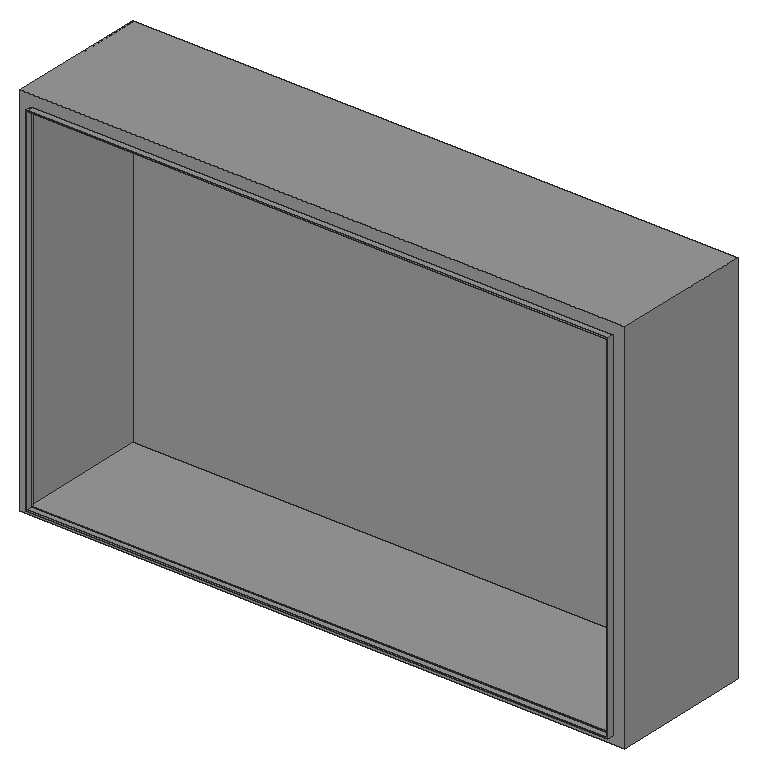
Revit family "Hager-Univers-IP30-D205-H500-Cl.II-Encl-NoHosted-CH-fr", category Electrical Equipment, Revit 2020
Family settings
  Panel Configuration = Two Columns, Circuits Across
  Round Connector Dimension = Use Diameter
  Part Type = Panelboard
  Work Plane-Based = Yes
  Always vertical = Yes
  Cut with Voids When Loaded = No
  Shared = No
  Room Calculation Point = No
Parameters (values of type "saillie IP30 L800 H500 P205  - FP33Q1S")
  Width Control [instance] = if([EF000008 - largeur] > Min Width, [EF000008 - largeur], Min Width)  # 800 mm
  Type Comments = [HG000003 - Gamme]  # "Univers"
  Thickness Door [instance] = if([EF009171 - épaisseur de matériau de la porte/du couvercle] > 3 mm, 3 mm, [EF009171 - épaisseur de matériau de la porte/du couvercle])  # 1 mm
  Seal Frame Offset [instance] = 17 mm  # constant formula
  Plinth Visibility [instance] = [HG000027 - Hauteur du socle] > 0 mm  # no
  Min Width [instance] = 100 mm  # constant formula
  Min Depth [instance] = (2 * [EF009170 - épaisseur de matériau du boîtier]) + 1 mm  # 3 mm
  Min Height [instance] = 100 mm  # constant formula
  Internal Frame Depth [instance] = (Door System Depth * 0.5)  # 9 mm
  Panel Name [instance] = ""  # (empty or 0)
  Model = ""
  HG000027 - Hauteur du socle = 0 mm
  HG000026 - Installation au sol = no
  HG000024 - Hauteur de la section basse = 600 mm
  HG000023 - Armoire double section = no
  HG000016 - Visibilité de la porte 3D [instance] = yes
  HG000015 - Visibilité de l'emprise de la porte [instance] = no
  HG000014 - Porte à droite [instance] = yes
  HG000013 - Porte à gauche [instance] = not([HG000014 - Porte à droite])  # no
  HG000012 - Angle de pivotement de la porte [instance] = 30.00°
  HG000010 - Portes asymétriques = no
  HG000009 - Porte à double battant = no
  HG000006 - Encastré = no
  HG000004 - Référence fabricant = "FP33Q1S"
  HG000003 - Gamme = "Univers"
  HG000002 - avec porte = no
  Frame Offset Bottom [instance] = 10 mm  # constant formula
  Frame Offset [instance] = 15 mm  # constant formula
  EF015940 - couvercle avec décharge de pression = no
  EF011959 - degré de protection (NEMA) = ""
  EF009554 - nombre d'ouvertures pour plaques à bride = 6
  EF009212 - finition du couvercle = "EV009916 - avec échancrure"
  EF009171 - épaisseur de matériau de la porte/du couvercle = 1 mm
  EF009170 - épaisseur de matériau du boîtier = 1 mm
  EF008873 - courant nominal (In) = 250 A
  EF007800 - adapté à un parafoudre = no
  EF006306 - avec serrure = no
  EF006244 - couvercle/porte transparent(e) = no
  EF005474 - indice de protection (IP) = "EV006410 - IP30"
  EF004464 - type de porte = "EV000494 - sans"
  EF004427 - nombre de modules = 108
  EF004293 - indice de protection contre les chocs (IK) = "EV006813 - IK07"
  EF003532 - convient pour utilisation à l’extérieur = no
  EF002950 - largeur en nombre de modules = 36
  EF001613 - maintien de fonction = "EV000494 - sans"
  EF001596 - matériau du boîtier/corps = "EV000179 - acier"
  EF001131 - profondeur intérieure = 130 mm
  EF001088 - possibilité de montage en saillie = yes
  EF000437 - nombre d'entrées de conduit = 6
  EF000339 - type de capot = "EV000494 - sans"
  EF000266 - nombre de rangées = 3
  EF000218 - profondeur d'encastrement = 0 mm
  EF000118 - avec cadre/support de montage = no
  EF000116 - numéro RAL = "9010"
  EF000049 - profondeur = 205 mm
  EF000040 - hauteur = 500 mm
  EF000008 - largeur = 800 mm
  EF000007 - couleur = "EV000202 - blanc"
  EF000003 - mode de pose = "EV000384 - saillie"
  Door System Leaf Tolerance [instance] = 1.5 mm  # constant formula
  Door System Depth [instance] = 18 mm  # constant formula
  Door Height [instance] = Height Control - [HG000027 - Hauteur du socle]  # 500 mm
  Description = ""
  Default Elevation = 1219.2 mm
  Connector Offset [instance] = Height Control / 2  # 250 mm
  Manufacturer = "Hager"  # constant formula
  Height Control [instance] = if([EF000040 - hauteur] > Min Height, [EF000040 - hauteur], Min Height)  # 500 mm
  Depth Control [instance] = if([EF000049 - profondeur] > Min Depth, [EF000049 - profondeur], Min Depth)  # 205 mm
  Bottom Top Plate Trim [instance] = 1.5 mm  # constant formula
  Plinth height Ctrl [instance] = if([HG000027 - Hauteur du socle] > 0 mm, [HG000027 - Hauteur du socle], 12 mm)  # 12 mm
Types (5, lengths in mm): name | Width Control | HG000004 - Référence fabricant | EF009554 - nombre d'ouvertures pour plaques à bride | EF004427 - nombre de modules | EF002950 - largeur en nombre de modules | EF000437 - nombre d'entrées de conduit | EF000008 - largeur
  saillie IP30 L1050 H500 P205  - FP34Q1S | 1050 | "FP34Q1S" | 8 | 144 | 48 | 8 | 1050
  saillie IP30 L1300 H500 P205  - FP35Q1S | 1300 | "FP35Q1S" | 10 | 180 | 60 | 10 | 1300
  saillie IP30 L300 H500 P205  - FP31Q1S | 300 | "FP31Q1S" | 2 | 36 | 12 | 2 | 300
  saillie IP30 L550 H500 P205  - FP32Q1S | 550 | "FP32Q1S" | 4 | 72 | 24 | 4 | 550
  saillie IP30 L800 H500 P205  - FP33Q1S | 800 | "FP33Q1S" | 6 | 108 | 36 | 6 | 800
Reference planes
  plane 1 "Center (Front/Back)": y = 0
  plane 2: z = 0
  plane 3 "Center (Left/Right)": x = 0
  plane 4: y = 0
  plane 5: y = 0
  plane 6: z = 0
  plane 7: x = -400
  plane 8: x = 400
  plane 9: x = 399
  plane 10: x = -399
  plane 11: z = 0
  plane 12: z = 1
  plane 13: y = -205
  plane 14: y = -1
  plane 15: x = 0
  plane 16: y = -187
  plane 17: y = -204
  plane 18: y = -186
  plane 19: x = -384
  plane 20: x = 384
  plane 21: z = 11
  plane 22: x = -383
  plane 23: x = 383
  plane 24: z = 0
  plane 25: z = 500
  plane 26: z = 500
  plane 27: z = 484
  plane 28: z = 499
Forms (mm)
  Extrusion 1, solid, material "Hager_Steel_RAL7035_Light_Grey", detail levels medium+fine
    sketch origin (-208.679, -4572, 0) x (-1, 0, 0) y (0, -1, 0)
      loop
        line (191.321, -4385) -> (-608.679, -4385) -> (-608.679, -4572) -> (191.321, -4572) -> (191.321, -4385)
    from 0 to 500
  Extrusion 2, void
    sketch origin (-350.771, -205, 1219.2) x (1, 0, 0) y (0, 0, 1)
      loop
        line (-48.229, -720.2) -> (-48.229, -1218.2) -> (749.771, -1218.2) -> (749.771, -720.2) -> (-48.229, -720.2)
    from -19 to -204
  Extrusion 3, void
    sketch origin (-290.084, -187, 1219.2) x (1, 0, 0) y (0, 0, 1)
      loop
        line (-93.916, -1208.2) -> (674.084, -1208.2) -> (674.084, -735.2) -> (-93.916, -735.2) -> (-93.916, -1208.2)
    from 0 to -1
  Extrusion 4, solid, material "Hager_Steel_RAL7035_Light_Grey", visible <- "Plinth Visibility", detail levels medium+fine
    sketch origin (0, 0, 0) x (1, 0, 0) y (0, 1, 0)
      loop
        line (-400, 0) -> (-400, -187) -> (400, -187) -> (400, 0) -> (-400, 0)
    from 0 to 12 <- "Plinth height Ctrl"
  Extrusion 5, solid, material "Hager_Steel_RAL7035_Light_Grey", detail levels coarse
    sketch origin (0, 0, 0) x (1, 0, 0) y (0, 1, 0)
      loop
        line (-400, 0) -> (-400, -205) -> (400, -205) -> (400, 0) -> (-400, 0)
    from 0 to 500 <- "Height Control"
  Sweep 6, void
    path in 3D
      loop
        line (-400, -187, 12) -> (400, -187, 12) -> (400, 0, 12) -> (-400, 0, 12) -> (-400, -187, 12)
    profile origin (-400, -93.5, 12) x (1, 0, 0) y (0, 0, 1)
      loop
        line (0, 0) -> (0, -1.5) -> (1.5, -1.5)
        arc (1.5, -1.5) -> (1.061, -0.439) -> (0, 0) r 1.5
  Extrusion 7, solid, material "Hager_Steel_RAL7035_Light_Grey", detail levels fine
    sketch origin (-400, -187, 0) x (1, 0, 0) y (0, 0, 1)
      loop
        line (16, 11) -> (784, 11) -> (784, 484) -> (16, 484) -> (16, 11)
      loop
        line (15, 10) -> (785, 10) -> (785, 485) -> (15, 485) -> (15, 10)
    from 0 to 9 <- "Internal Frame Depth"
Cuts and joins
  Extrusion 2, Extrusion 3 cuts Extrusion 1
  Sweep 6 cuts Extrusion 4
Lines and regions (mm)
  Masking region 1
    outline origin (0, 0, 0) x (1, 0, 0) y (0, 1, 0)
      loop
        line (-400, 0) -> (-400, -205) -> (400, -205) -> (400, 0) -> (-400, 0)
  Masking region 2, detail levels coarse
    outline origin (-290.084, -187, 1219.2) x (-1, 0, 0) y (0, 0, 1)
      loop
        line (-690.084, -1219.2) -> (109.916, -1219.2) -> (109.916, -719.2) -> (-690.084, -719.2) -> (-690.084, -1219.2)
  Masking region 3, detail levels coarse
    outline origin (0, 0, 0) x (0, 1, 0) y (0, 0, 1)
      loop
        line (0, 0) -> (0, 500) -> (-205, 500) -> (-205, 0) -> (0, 0)
  Masking region 4, visible <- "Plinth Visibility", detail levels medium+fine
    outline origin (0, 0, 0) x (0, 1, 0) y (0, 0, 1)
      loop
        line (-1.5, 12) -> (-185.5, 12)
        arc (-185.5, 12) -> (-185.939, 10.939) -> (-187, 10.5) r 1.5
        line (-187, 10.5) -> (-187, 0) -> (0, 0) -> (0, 10.5)
        arc (0, 10.5) -> (-1.061, 10.939) -> (-1.5, 12) r 1.5
  Masking region 5, detail levels medium+fine
    outline origin (0, 0, 594.038) x (0, 1, 0) y (0, 0, 1)
      loop
        line (0, -594.038) -> (0, -94.038) -> (-187, -94.038) -> (-187, -594.038) -> (0, -594.038)
  Masking region 6, detail levels medium+fine
    outline origin (-359.7, -187, 1211.883) x (-1, 0, 0) y (0, 0, 1)
      loop
        line (-759.7, -1211.883) -> (40.3, -1211.883) -> (40.3, -711.883) -> (-759.7, -711.883) -> (-759.7, -1211.883)
  Masking region 7, visible <- "Plinth Visibility", detail levels medium+fine
    outline origin (-320.334, -187, 1041.368) x (-1, 0, 0) y (0, 0, 1)
      loop
        line (-720.334, -1041.368) -> (79.666, -1041.368) -> (79.666, -1030.868)
        arc (79.666, -1030.868) -> (78.606, -1030.429) -> (78.166, -1029.368) r 1.5
        line (78.166, -1029.368) -> (-718.834, -1029.368)
        arc (-718.834, -1029.368) -> (-719.273, -1030.429) -> (-720.334, -1030.868) r 1.5
        line (-720.334, -1030.868) -> (-720.334, -1041.368)
  sketch lines
    curve 1: line (-400, 0, 12) -> (-400, -187, 12)
    curve 2: line (-400, -187, 12) -> (400, -187, 12)
    curve 3: line (400, 0, 12) -> (-400, 0, 12)
    curve 4: line (400, -187, 12) -> (400, 0, 12)
Dimensions and locks
  locked: plane 1 "Center (Front/Back)" to plane 5
  "EF009170 - épaisseur de matériau du boîtier": plane 7 to plane 10
  "EF009170 - épaisseur de matériau du boîtier": plane 8 to plane 9
  equal spacing: plane 7, plane 3 "Center (Left/Right)", plane 8
  "Width Control": plane 7 to plane 8
  "Depth Control": plane 4 to plane 13
  "EF009170 - épaisseur de matériau du boîtier": plane 4 to plane 14
  "Height Control": plane 25 to level
  "HG000027 - Hauteur du socle": plane 11 to level
  "EF009170 - épaisseur de matériau du boîtier": plane 12 to plane 11
  "EF009170 - épaisseur de matériau du boîtier": plane 17 to plane 13
  "EF009170 - épaisseur de matériau du boîtier": plane 18 to plane 16
  "Frame Offset Bottom": plane 21 to plane 12
  "Frame Offset": plane 10 to plane 19
  "Frame Offset": plane 9 to plane 20
  "Door System Depth": plane 16 to plane 13
  "Seal Frame Offset": plane 7 to plane 22
  "Seal Frame Offset": plane 8 to plane 23
  "EF009170 - épaisseur de matériau du boîtier": plane 26 to plane 28
  "Frame Offset": plane 28 to plane 27
  "Connector Offset": plane 2 to connector elem
  "Bottom Top Plate Trim": profile plane to Sweep 6 sketch curve
  "Bottom Top Plate Trim": Sweep 6 sketch curve to Sweep 6 sketch curve
  "Plinth height Ctrl": Masking region 4 sketch curve to level
  "Plinth height Ctrl": Masking region 7 sketch curve to level
  "Thickness Door": Extrusion 7 sketch curve to Extrusion 7 sketch curve  (x4)
  "Bottom Top Plate Trim": radius of Sweep 6 sketch curve
  "Bottom Top Plate Trim": radius of Masking region 4 sketch curve  (x2)
  "Bottom Top Plate Trim": radius of Masking region 7 sketch curve  (x2)
  aligned and locked: Extrusion 2 sketch curve to plane 12
  aligned and locked: Extrusion 2 sketch curve to plane 9
  aligned and locked: Extrusion 2 sketch curve to plane 10
  aligned and locked: Extrusion 2 to plane 14
  aligned and locked: Extrusion 1 sketch curve to plane 4
  aligned and locked: plane 8 to Extrusion 1 sketch curve
  aligned and locked: plane 7 to Extrusion 1 sketch curve
  aligned and locked: Extrusion 2 to plane 18
  aligned and locked: plane 19 to Extrusion 3 sketch curve
  aligned and locked: plane 20 to Extrusion 3 sketch curve
  aligned and locked: Extrusion 3 to Extrusion 2
  aligned and locked: Extrusion 3 sketch curve to plane 21
  aligned and locked: plane 3 "Center (Left/Right)" to nested 1
  aligned and locked: Extrusion 1 sketch curve to plane 16
  aligned and locked: Extrusion 4 sketch curve to cut or joined group of Extrusion 1, Extrusion 2, Extrusion 3
  aligned and locked: Masking region 1 sketch curve to plane 7
  aligned and locked: Masking region 1 sketch curve to plane 5
  aligned and locked: Masking region 1 sketch curve to plane 8
  aligned and locked: Masking region 2 sketch curve to level
  aligned and locked: level to Masking region 3 sketch curve
  aligned and locked: plane 1 "Center (Front/Back)" to Masking region 3 sketch curve
  aligned and locked: plane 13 to Masking region 3 sketch curve
  aligned and locked: plane 5 to Masking region 4 sketch curve
  aligned and locked: Masking region 2 sketch curve to plane 8
  aligned and locked: Masking region 2 sketch curve to plane 7
  aligned and locked: plane 7 to nested 2
  aligned and locked: nested 2 to plane 5
  aligned and locked: plane 5 to Masking region 5 sketch curve
  aligned and locked: plane 26 to Masking region 5 sketch curve
  aligned and locked: Extrusion 5 sketch curve to plane 8
  aligned and locked: Extrusion 5 sketch curve to plane 7
  aligned and locked: Extrusion 5 sketch curve to plane 5
  aligned and locked: Extrusion 3 sketch curve to plane 27
  aligned and locked: Extrusion 2 sketch curve to plane 28
  aligned and locked: Masking region 2 to plane 25
  aligned and locked: Extrusion 4 to plane 16
  aligned and locked: profile plane to Sweep 6 sketch curve
  aligned and locked: Masking region 5 sketch curve to plane 24
  aligned and locked: level to Masking region 4 sketch curve
  aligned and locked: Masking region 1 to plane 13
  aligned and locked: nested 1 to plane 16
  aligned and locked: Masking region 3 to plane 25
  aligned and locked: plane 16 to Masking region 4 sketch curve
  aligned and locked: Masking region 5 sketch curve to plane 16
  aligned and locked: plane 24 to plane 11
  aligned and locked: plane 26 to plane 25
  aligned and locked: plane 26 to cut or joined group of Extrusion 1, Extrusion 2, Extrusion 3
  aligned and locked: nested 1 to plane 24
  aligned and locked: Extrusion 1 to Extrusion 3
  aligned and locked: Masking region 6 sketch curve to plane 8
  aligned and locked: Masking region 6 sketch curve to plane 24
  aligned and locked: Masking region 6 sketch curve to plane 7
  aligned and locked: Masking region 6 sketch curve to plane 26
  aligned and locked: Masking region 7 sketch curve to plane 7
  aligned and locked: level to Masking region 7 sketch curve
  aligned and locked: Masking region 7 sketch curve to plane 8
  aligned and locked: Extrusion 7 sketch curve to cut or joined group of Extrusion 1, Extrusion 2, Extrusion 3  (x4)
Automatic sketch dimensions
  plane 19 to Extrusion 3 sketch curve = 0 mm
  Extrusion 3 sketch curve to plane 20 = 0 mm
  Extrusion 3 sketch curve to plane 21 = 0 mm
  Extrusion 4 sketch curve to plane 7 = 0 mm
  Extrusion 4 sketch curve to plane 8 = 0 mm
  Extrusion 4 sketch curve to plane 16 = 0 mm
  Masking region 1 sketch curve to plane 13 = 0 mm
  Masking region 2 sketch curve to plane 25 = 0 mm
  Masking region 3 sketch curve to plane 25 = 0 mm
  Extrusion 5 sketch curve to plane 13 = 0 mm
  profile plane to Sweep 6 sketch curve = 0 mm
Nested families
  nested 1: "EC000058_Univers_Door" at (0, -187, 0), Double <- "HG000009 - Porte à double battant", Transparent <- "EF006244 - couvercle/porte transparent(e)", Angle <- "HG000012 - Angle de pivotement de la porte", Door_Right <- "HG000014 - Porte à droite", Assymetrical <- "HG000010 - Portes asymétriques", Door <- "HG000002 - avec porte", Width_Ctrl <- "Width Control", 3d_Door <- "HG000016 - Visibilité de la porte 3D", Clearance <- "HG000015 - Visibilité de l'emprise de la porte", Door_Left <- "HG000013 - Porte à gauche", Width <- "Width Control", Door_Depth <- "Door System Depth", Leaf_Tolerance <- "Door System Leaf Tolerance", Height <- "Door Height", Lock_Visibility <- "EF006306 - avec serrure", Thickness <- "Thickness Door", type "EC000058_Univers_Door", detail levels medium+fine
    with min_wh 3 mm, Width_Ctrl 800 mm, Width 800 mm, Transparent no, Thickness 1 mm, Seal_Material Hager_Rubber, Lock_Visibility no, Lock_Material Hager_Plastic_RAL9005_Jet_Black, Leaf_Width 800 mm, Leaf_Tolerance_External_Sides 0 mm, Leaf_Tolerance 1.5 mm, Leaf_Offset 0 mm, Leaf_Height 497 mm, Leaf_2_Width 800 mm, Leaf_2_Offset 400 mm, Leaf_1_Width 800 mm, Leaf_1_Offset 400 mm, Height_Ctrl 500 mm, Height 500 mm, Glass_Material Hager_Glass, Double_Clearance_Ctrl no, Double no, Door_Right_Ctrl no, Door_Right yes, Door_Material Hager_Steel_RAL7035_Light_Grey, Door_Left_Ctrl no, Door_Left no, Door_Depth 18 mm, Door no, Clearance_Material Hager_Clearance, Clearance_Depth 800 mm, Clearance_Ctrl no, Clearance no, Assymetrical no, Angle 30.00°, 3d_Door yes
  nested 2: "Hager_Enclosure_Symbol" at (-400, 0, 0), Height <- "Depth Control", Width <- "Width Control", type "Hager_Enclosure_Symbol"
    with Width_Ctrl 800 mm, Width 800 mm, Height_Ctrl 205 mm, Height 205 mm, A_Width_Int 13.453 mm, A_Width 161.438 mm, A_Height_Ctrl 179.375 mm, A_Height 179.375 mm
Connectors
  electrical at (0, 0, 250)
    settings: on plane 1 "Center (Front/Back)", index 1, voltage 0 V, apparent load 0 VA, apparent load phase1 0 VA, apparent load phase2 0 VA, apparent load phase3 0 VA, power factor 1, load classification "Other", number of poles 1, system type 30, power factor state 1, is connector primary yes, connector utility no, sub classification motor no, connector description ""
Definition of nested family "EC000058_Univers_Door"
  Parameters (values of type "EC000058_Univers_Door")
    min_wh [instance] = (2 * Thickness) + 1 mm  # 11 mm
    Width_Ctrl [instance] = 400 mm
    Width [instance] = 500 mm
    Transparent [instance] = yes
    Thickness [instance] = 5 mm
    Seal_Material [instance] = none
    Lock_Visibility [instance] = yes
    Lock_Material [instance] = none
    Leaf_Width [instance] = if((Width_Ctrl - 2 * Leaf_Tolerance_External_Sides) > 0 mm, (Width_Ctrl - 2 * Leaf_Tolerance_External_Sides), min_wh)  # 400 mm
    Leaf_Tolerance_External_Sides [instance] = 0 mm  # constant formula
    Leaf_Tolerance [instance] = 1.5 mm
    Leaf_Offset [instance] = 0 mm  # constant formula
    Leaf_Height [instance] = if((Height_Ctrl - 2 * Leaf_Tolerance) > 0 mm, (Height_Ctrl - 2 * Leaf_Tolerance), min_wh)  # 497 mm
    Leaf_2_Width [instance] = if(and(and(Double, Assymetrical), Door_Left), (Leaf_Width / 3) - (Leaf_Tolerance / 2), if(and(and(Double, Assymetrical), Door_Right), (Leaf_Width / 3) * 2 - (Leaf_Tolerance / 2), if(and(Double, not(Assymetrical)), (Leaf_Width / 2) - Leaf_Tolerance, Leaf_Width)))  # 400 mm
    Leaf_2_Offset [instance] = if(and(Double, Assymetrical), Leaf_2_Width / 2, if(and(Double, not(Assymetrical)), Leaf_Width / 4, Leaf_Width / 2))  # 200 mm
    Leaf_1_Width [instance] = if(and(and(Double, Assymetrical), Door_Right), (Leaf_Width / 3) - (Leaf_Tolerance / 2), if(and(and(Double, Assymetrical), Door_Left), (Width / 3) * 2 - (Leaf_Tolerance / 2), if(and(Double, not(Assymetrical)), (Leaf_Width / 2) - Leaf_Tolerance, Leaf_Width)))  # 400 mm
    Leaf_1_Offset [instance] = if(and(Double, Assymetrical), Leaf_1_Width / 2, if(and(Double, not(Assymetrical)), Leaf_Width / 4, Leaf_Width / 2))  # 200 mm
    Height_Ctrl [instance] = if(Height > min_wh, Height, min_wh)  # 500 mm
    Height [instance] = 500 mm
    Glass_Material [instance] = none
    Double_Clearance_Ctrl [instance] = and(Double, Clearance)  # no
    Double [instance] = no
    Door_Right_Ctrl [instance] = and(or(Door_Right, Double), Door)  # yes
    Door_Right [instance] = yes
    Door_Material [instance] = none
    Door_Left_Ctrl [instance] = and(or(Door_Left, Double), Door)  # no
    Door_Left [instance] = no
    Door_Depth [instance] = 30 mm
    Door [instance] = yes
    Default Elevation = 1219.2 mm
    Clearance_Material [instance] = none
    Clearance_Depth [instance] = if(Leaf_1_Width > Leaf_2_Width, Leaf_1_Width, Leaf_2_Width)  # 400 mm
    Clearance_Ctrl [instance] = and(not(Double), Clearance)  # yes
    Clearance [instance] = yes
    Assymetrical [instance] = yes
    Angle [instance] = 30.00°
    3d_Door [instance] = yes
  Reference planes
    plane 1 "Center (Front/Back)": y = 0
    plane 2 "Bottom": z = 0
    plane 3 "Center (Left/Right)": x = 0
    plane 4: z = 500
    plane 5: x = -200
    plane 6: x = 200
    plane 7: z = 500
    plane 8: x = -200
    plane 9: z = 0
    plane 10: x = 200
    plane 11: y = 0
    plane 12: z = 1.5
    plane 13: x = -600
    plane 14: y = -400
    plane 15: x = 600
    plane 16: x = 0
    plane 17: x = 0
    plane 18: x = -200
    plane 19: x = 200
    plane 20: z = 498.5
  Forms (mm)
    Extrusion 1, solid, material <- "Clearance_Material", visible <- "Double_Clearance_Ctrl"
      sketch origin (1200, 0, 0) x (1, 0, 0) y (0, 0, -1)
        loop
          line (-1800, -498.5) -> (-600, -498.5) -> (-600, 0) -> (-1800, 0) -> (-1800, -498.5)
      from 0 to -400
  Dimensions and locks
    equal spacing: plane 5, plane 3 "Center (Left/Right)", plane 6
    "Width_Ctrl": plane 5 to plane 6
    "Leaf_Offset": plane 5 to plane 8
    "Leaf_Offset": plane 6 to plane 10
    "Leaf_Offset": plane 9 to level
    "Leaf_Offset": plane 4 to plane 7
    "Height_Ctrl": plane 4 to level
    "Leaf_Tolerance": plane 12 to plane 9
    locked: plane 11 to plane 1 "Center (Front/Back)"
    "Leaf_1_Offset": plane 18 to plane 16
    "Leaf_2_Offset": plane 17 to plane 19
    "Leaf_1_Width": plane 13 to plane 8
    "Leaf_2_Width": plane 10 to plane 15
    "Clearance_Depth": plane 14 to plane 1 "Center (Front/Back)"
    "Leaf_Tolerance_External_Sides": plane 8 to plane 18
    "Leaf_Tolerance_External_Sides": plane 19 to plane 10
    "Leaf_Tolerance": plane 7 to plane 20
    aligned and locked: level to plane 2 "Bottom"
    aligned and locked: nested 1 to plane 16
    aligned and locked: nested 2 to plane 17
    aligned and locked: Extrusion 1 to plane 13
    aligned and locked: plane 15 to Extrusion 1
    aligned and locked: Extrusion 1 to plane 14
    aligned and locked: plane 12 to nested 1
    aligned and locked: nested 2 to plane 12
    aligned and locked: Extrusion 1 to plane 11
    aligned and locked: plane 20 to Extrusion 1
    aligned and locked: nested 2 to plane 11
    aligned and locked: nested 1 to plane 11
  Automatic sketch dimensions
    Extrusion 1 sketch curve to level = 0 mm
    plane 5 to Extrusion 1 sketch curve = 400 mm
    plane 6 to Extrusion 1 sketch curve = 400 mm
    Extrusion 1 sketch curve to plane 4 = 1.5 mm
  Nested families
    nested 1: "EC000058_Univers_Door_Leaf" at (0, 0, 1.5), Width <- "Leaf_1_Width", visible <- "Door_Left_Ctrl", Leaf_Height <- "Leaf_Height", Angle <- "Angle", 3d_Door <- "3d_Door", Transparent <- "Transparent", Clearance Material <- "Clearance_Material", Clearance <- "Clearance_Ctrl", Door_Material <- "Door_Material", Glass_Material <- "Glass_Material", Door_Depth <- "Door_Depth", Lock_Material <- "Lock_Material", Seal_Material <- "Seal_Material", Lock_Visibility <- "Lock_Visibility", Thickness <- "Thickness", type "EC000058_Univers_Door_Leaf"
      with Width 400 mm, Transparent_Glass_Offset 30 mm, Transparent_Ctrl yes, Transparent yes, Thickness 5 mm, Standard no, Seal_Material none, Seal_D2 8 mm, Seal_D1 1 mm, Offset_Internal_Frame 10 mm, Lock_Width 20 mm, Lock_Visibility_3d yes, Lock_Visibility yes, Lock_Thickness_3 3 mm, Lock_Thickness_2 1 mm, Lock_Thickness_1 3 mm, Lock_Radius_Offset_2 16 mm, Lock_Radius_Offset_1 15 mm, Lock_Radius_2 5 mm, Lock_Radius 6 mm, Lock_Offset 5 mm, Lock_Material none, Lock_Height 80 mm, Lock_Cover_Top_Offset_2d 17 mm, Lock_Cover_Height -65 mm, Leaf_Height 497 mm, Internal_Seal_Thickness 8 mm, Internal_Seal_Depth_2 4.5 mm, Internal_Frame_Depth 25 mm, Glass_Thickness -1 mm, Glass_Offset -2 mm, Glass_Material none, Door_Material none, Door_Depth 30 mm, Clearance Material none, Clearance yes, Angle_Ctrl 30.00°, Angle 30.00°, 3d_Door yes
    nested 2: "EC000058_Univers_Door_Leaf" at (0, 0, 1.5) x (-1, 0, 0) z (0, 0, 1), Width <- "Leaf_2_Width", visible <- "Door_Right_Ctrl", Leaf_Height <- "Leaf_Height", Angle <- "Angle", 3d_Door <- "3d_Door", Transparent <- "Transparent", Clearance Material <- "Clearance_Material", Clearance <- "Clearance_Ctrl", Door_Material <- "Door_Material", Glass_Material <- "Glass_Material", Door_Depth <- "Door_Depth", Lock_Material <- "Lock_Material", Seal_Material <- "Seal_Material", Lock_Visibility <- "Lock_Visibility", Thickness <- "Thickness", type "EC000058_Univers_Door_Leaf"
      with Width 400 mm, Transparent_Glass_Offset 30 mm, Transparent_Ctrl yes, Transparent yes, Thickness 5 mm, Standard no, Seal_Material none, Seal_D2 8 mm, Seal_D1 1 mm, Offset_Internal_Frame 10 mm, Lock_Width 20 mm, Lock_Visibility_3d yes, Lock_Visibility yes, Lock_Thickness_3 3 mm, Lock_Thickness_2 1 mm, Lock_Thickness_1 3 mm, Lock_Radius_Offset_2 16 mm, Lock_Radius_Offset_1 15 mm, Lock_Radius_2 5 mm, Lock_Radius 6 mm, Lock_Offset 5 mm, Lock_Material none, Lock_Height 80 mm, Lock_Cover_Top_Offset_2d 17 mm, Lock_Cover_Height -65 mm, Leaf_Height 497 mm, Internal_Seal_Thickness 8 mm, Internal_Seal_Depth_2 4.5 mm, Internal_Frame_Depth 25 mm, Glass_Thickness -1 mm, Glass_Offset -2 mm, Glass_Material none, Door_Material none, Door_Depth 30 mm, Clearance Material none, Clearance yes, Angle_Ctrl 30.00°, Angle 30.00°, 3d_Door yes
  Definition of nested family "EC000058_Univers_Door_Leaf"
    Parameters (values of type "EC000058_Univers_Door_Leaf")
      Width [instance] = 2000 mm
      Transparent_Glass_Offset [instance] = 30 mm
      Transparent_Ctrl [instance] = and(Transparent, [3d_Door])  # yes
      Transparent [instance] = yes
      Thickness [instance] = 5 mm
      Standard [instance] = and(not(Transparent), [3d_Door])  # no
      Seal_Material [instance] = none
      Seal_D2 [instance] = 8 mm  # constant formula
      Seal_D1 [instance] = 1 mm  # constant formula
      Offset_Internal_Frame [instance] = 10 mm  # constant formula
      Lock_Width [instance] = 20 mm  # constant formula
      Lock_Visibility_3d [instance] = and(Lock_Visibility, [3d_Door])  # yes
      Lock_Visibility [instance] = yes
      Lock_Thickness_3 [instance] = 3 mm  # constant formula
      Lock_Thickness_2 [instance] = 1 mm  # constant formula
      Lock_Thickness_1 [instance] = 3 mm  # constant formula
      Lock_Radius_Offset_2 [instance] = Lock_Radius_Offset_1 + 1 mm  # 16 mm
      Lock_Radius_Offset_1 [instance] = 15 mm  # constant formula
      Lock_Radius_2 [instance] = Lock_Radius - 1 mm  # 5 mm
      Lock_Radius [instance] = 6 mm  # constant formula
      Lock_Offset [instance] = 5 mm  # constant formula
      Lock_Material [instance] = none
      Lock_Height [instance] = 80 mm  # constant formula
      Lock_Cover_Top_Offset_2d [instance] = Lock_Radius_Offset_2 + 1 mm  # 17 mm
      Lock_Cover_Height [instance] = -(Lock_Height - Lock_Radius_Offset_1)  # -65 mm
      Leaf_Height [instance] = 2720.336 mm
      Internal_Seal_Thickness [instance] = 8 mm  # constant formula
      Internal_Seal_Depth_2 [instance] = 4.5 mm  # constant formula
      Internal_Frame_Depth [instance] = if(Door_Depth - Thickness > 5 mm, Door_Depth - Thickness, 5 mm)  # 25 mm
      Glass_Thickness [instance] = if(Thickness > 15 mm, Glass_Offset + 10 mm, -1 mm)  # -1 mm
      Glass_Offset [instance] = if(Thickness > 15 mm, -(Thickness + 10 mm) / 2, -2 mm)  # -2 mm
      Glass_Material [instance] = none
      Door_Material [instance] = none
      Door_Depth [instance] = 30 mm
      Default Elevation = 0 mm
      Clearance Material [instance] = none
      Clearance [instance] = yes
      Angle_Ctrl [instance] = if(Angle > 180.00°, 180.00°, Angle)  # 90.00°
      Angle [instance] = 90.00°
      3d_Door [instance] = yes
    Reference planes
      plane 1 "Center (Front/Back)": y = 0
      plane 2: z = 0
      plane 3 "Center (Left/Right)": x = 0
      plane 4: y = 2000
      plane 5: x = -1000
      plane 6: x = 1000
      plane 7: x = -3000
      plane 8: z = 2720.336
      plane 9: z = 30
      plane 10: z = 2690.336
      plane 11: x = 970
      plane 12: x = -970
      plane 13: y = -3
      plane 14: z = 107.833
      plane 15: y = -5
      plane 16: y = -223.314
      plane 17: x = -1000
      plane 18: z = 1360.168
      plane 19: y = 30
    Forms (mm)
      Extrusion 1, solid, material <- "Clearance Material", visible <- "Clearance"
        sketch origin (0, 0, 0) x (1, 0, 0) y (0, 0, 1)
          loop
            line (-3000, 2720.336) -> (-3000, 0) -> (1000, 0) -> (1000, 2720.336) -> (-3000, 2720.336)
        from 0 to -2000
      Extrusion 2, solid, material <- "Door_Material", visible <- "Standard", detail levels medium+fine
        sketch origin (-1000, 0, 0) x (0, 1, 0) y (-1, 0, 0)
          loop
            line (0, 30) -> (0, 25) -> (2000, 25) -> (2000, 30) -> (0, 30)
        from 0 to 2720.336 <- "Leaf_Height"
      Extrusion 3, solid, material <- "Door_Material", visible <- "Transparent_Ctrl", detail levels medium+fine
        sketch origin (-1000, 0, 0) x (0, 1, 0) y (-1, 0, 0)
          loop
            line (0, 25) -> (2000, 25) -> (2000, 30) -> (0, 30) -> (0, 25)
        from 0 to 2720.336 <- "Leaf_Height"
      Extrusion 4, void
        sketch origin (-1025, 2000, 0) x (0, 1, 0) y (0, 0, -1)
          loop
            line (-30, -2690.336) -> (-30, -30) -> (-1970, -30) -> (-1970, -2690.336) -> (-30, -2690.336)
        from 0 to 5 <- "Thickness"
      Sweep 5, solid, material <- "Seal_Material", visible <- "Transparent_Ctrl", detail levels fine
        path in 3D
          loop
            line (-1025, 30, 30) -> (-1025, 30, 2690.336) -> (-1025, 1970, 2690.336) -> (-1025, 1970, 30) -> (-1025, 30, 30)
        profile origin (-1025, 1000, 30) x (1, 0, 0) y (0, 0, 1)
          loop
            line (0, 0) -> (0, -8) -> (1, -8) -> (1, 0) -> (0, 0)
      Extrusion 6, solid, material <- "Glass_Material", visible <- "Transparent_Ctrl", detail levels medium+fine
        sketch origin (-1030, 0, 0) x (0, 1, 0) y (0, 0, -1)
          loop
            line (1970, -2690.336) -> (1970, -30) -> (30, -30) -> (30, -2690.336) -> (1970, -2690.336)
        from -2 <- "Glass_Offset" to -1 <- "Glass_Thickness"
      Extrusion 7, solid, material <- "Door_Material", visible <- "3d_Door", detail levels medium+fine
        sketch origin (-1025, 2000, 0) x (0, -1, 0) y (0, 0, -1)
          loop
            line (0, -2720.336) -> (2000, -2720.336) -> (2000, 0) -> (0, 0) -> (0, -2720.336)
          loop
            line (1995, -5) -> (5, -5) -> (5, -2715.336) -> (1995, -2715.336) -> (1995, -5)
        from 0 to 25 <- "Internal_Frame_Depth"
      Sweep 8, solid, material <- "Seal_Material", visible <- "Transparent_Ctrl", detail levels fine
        path in 3D
          loop
            line (-1025, 0, 0) -> (-1025, 2000, 0) -> (-1025, 2000, 2720.336) -> (-1025, 0, 2720.336) -> (-1025, 0, 0)
        profile origin (-1025, 0, 1360.168) x (1, 0, 0) y (0, 1, 0)
          loop
            line (0, 10) -> (2.975, 10)
            arc (2.975, 10) -> (4.053, 10.447) -> (4.5, 11.525) r 1.525
            line (4.5, 11.525) -> (4.5, 16.527)
            arc (4.5, 16.527) -> (4.069, 17.569) -> (3.027, 18) r 1.473
            line (3.027, 18) -> (0, 18) -> (0, 10)
      Extrusion 9, solid, material <- "Lock_Material", visible <- "Lock_Visibility_3d", detail levels fine
        sketch origin (-1030, 0, 0) x (0, 1, 0) y (0, 0, -1)
          loop
            arc (1993.5, -1400.168) -> (1994.561, -1399.729) -> (1995, -1398.668) r 1.5
            line (1995, -1398.668) -> (1995, -1320.168) -> (1975, -1320.168) -> (1975, -1398.668)
            arc (1975, -1398.668) -> (1975.439, -1399.729) -> (1976.5, -1400.168) r 1.5
            line (1976.5, -1400.168) -> (1993.5, -1400.168)
        from 3 <- "Lock_Thickness_1" to 0
      Blend 10, solid, material <- "Lock_Material", visible <- "Lock_Visibility_3d", detail levels fine
        base sketch origin (-1033, 0, 0) x (0, 1, 0) y (0, 0, -1)
          loop
            line (1975, -1320.168) -> (1975, -1398.668)
            arc (1975, -1398.668) -> (1975.439, -1399.729) -> (1976.5, -1400.168) r 1.5
            line (1976.5, -1400.168) -> (1993.5, -1400.168)
            arc (1993.5, -1400.168) -> (1994.561, -1399.729) -> (1995, -1398.668) r 1.5
            line (1995, -1398.668) -> (1995, -1320.168) -> (1975, -1320.168)
        top sketch origin (-1033, 0, 0) x (0, 1, 0) y (0, 0, -1)
          loop
            line (1976, -1320.168) -> (1976, -1398.668)
            arc (1976, -1398.668) -> (1976.146, -1399.022) -> (1976.5, -1399.168) r 0.5
            line (1976.5, -1399.168) -> (1993.5, -1399.168)
            arc (1993.5, -1399.168) -> (1993.854, -1399.022) -> (1994, -1398.668) r 0.5
            line (1994, -1398.668) -> (1994, -1320.168) -> (1976, -1320.168)
        from 0 to 1 <- "Lock_Thickness_2"
      Blend 11, solid, material <- "Lock_Material", visible <- "Lock_Visibility_3d", detail levels fine
        base sketch origin (-1034, 0, 0) x (0, 1, 0) y (0, 0, -1)
          loop
            line (1978, -1320.168) -> (1978, -1384.168)
            arc (1978, -1384.168) -> (1985, -1391.168) -> (1992, -1384.168) r 7
            line (1992, -1384.168) -> (1992, -1320.168) -> (1978, -1320.168)
        top sketch origin (-1034, 0, 0) x (0, 1, 0) y (0, 0, -1)
          loop
            line (1991, -1320.168) -> (1979, -1320.168) -> (1979, -1383.168)
            arc (1979, -1383.168) -> (1985, -1389.168) -> (1991, -1383.168) r 6
            line (1991, -1383.168) -> (1991, -1320.168)
        from 0 to 3 <- "Lock_Thickness_3"
      Extrusion 12, solid, material <- "Lock_Material", visible <- "Lock_Visibility_3d", detail levels fine
        sketch origin (-1030, 1975, 1320.168) x (1, 0, 0) y (0, -1, 0)
          loop
            line (-7, -19) -> (-7, -1) -> (0, -1) -> (0, 0) -> (-8, 0) -> (-8, -20) -> (0, -20) -> (0, -19) -> (-7, -19)
        from 0 to -65 <- "Lock_Cover_Height"
      Extrusion 13, void
        sketch origin (-1038, 1995, 1320.168) x (-1, 0, 0) y (0, 0, -1)
          loop
            line (-5, -65) -> (0, -65) -> (-5, -60) -> (-5, -65)
        from 0 to 20 <- "Lock_Width"
      Extrusion 14, void
        sketch origin (-1038, 1975, 1320.168) x (0, -1, 0) y (0, 0, -1)
          loop
            circle (-10, -15.995) r 6
          loop
            circle (-10, -15.995) r 5
        from 0 to 2
      Extrusion 15, solid, material <- "Lock_Material", visible <- "Lock_Visibility_3d", detail levels medium
        sketch origin (-1030, 0, 0) x (0, 1, 0) y (0, 0, -1)
          loop
            arc (1993.5, -1400.168) -> (1994.561, -1399.729) -> (1995, -1398.668) r 1.5
            line (1995, -1398.668) -> (1995, -1320.168) -> (1975, -1320.168) -> (1975, -1398.668)
            arc (1975, -1398.668) -> (1975.439, -1399.729) -> (1976.5, -1400.168) r 1.5
            line (1976.5, -1400.168) -> (1993.5, -1400.168)
        from 8 to 0
    Cuts and joins
      Extrusion 4 cuts Extrusion 3
      Extrusion 13, Extrusion 14 cuts Extrusion 9
      Extrusion 14 cuts Blend 11
      Extrusion 13, Extrusion 14 cuts Extrusion 12
      joined: Extrusion 9, Blend 10, Blend 11, Extrusion 12
      Extrusion 14 cuts Extrusion 15
    Lines and regions (mm)
      Masking region 1, visible <- "Lock_Visibility", detail levels fine
        outline origin (0, 0, 0) x (0, 1, 0) y (0, 0, 1)
          loop
            line (30, 1320.168) -> (33, 1320.168) -> (33, 1400.168) -> (30, 1400.168) -> (30, 1320.168)
      Masking region 2, visible <- "Lock_Visibility", detail levels fine
        outline origin (0, 3.143, 0) x (0, 1, 0) y (0, 0, 1)
          loop
            line (29.857, 1354.168) -> (30.857, 1354.168) -> (30.857, 1366.168) -> (29.857, 1366.168) -> (29.857, 1354.168)
      Masking region 3, detail levels medium+fine
        outline origin (0, 0, 0) x (0, 1, 0) y (0, 0, 1)
          loop
            line (0, 0) -> (30, 0) -> (30, 2720.336) -> (0, 2720.336) -> (0, 0)
      Masking region 4, detail levels medium+fine
        outline origin (0, 0, 0) x (1, 0, 0) y (0, 0, 1)
          loop
            line (-1000, 2720.336) -> (-1000, 0) -> (1000, 0) -> (1000, 2720.336) -> (-1000, 2720.336)
      Masking region 5, visible <- "Lock_Visibility", detail levels fine
        outline origin (-47.116, 0, 0) x (1, 0, 0) y (0, 0, 1)
          loop
            arc (1024.616, 1399.168) -> (1023.556, 1398.729) -> (1023.116, 1397.668) r 1.5
            line (1023.116, 1397.668) -> (1023.116, 1320.168) -> (1041.116, 1320.168) -> (1041.116, 1397.668)
            arc (1041.116, 1397.668) -> (1040.677, 1398.729) -> (1039.616, 1399.168) r 1.5
            line (1039.616, 1399.168) -> (1024.616, 1399.168)
      Masking region 6, visible <- "Lock_Visibility", detail levels medium+fine
        outline origin (-25, 0, 0) x (1, 0, 0) y (0, 0, 1)
          loop
            arc (1001.5, 1400.168) -> (1000.439, 1399.729) -> (1000, 1398.668) r 1.5
            line (1000, 1398.668) -> (1000, 1320.168) -> (1020, 1320.168) -> (1020, 1398.668)
            arc (1020, 1398.668) -> (1019.561, 1399.729) -> (1018.5, 1400.168) r 1.5
            line (1018.5, 1400.168) -> (1001.5, 1400.168)
      Masking region 7, visible <- "Lock_Visibility", detail levels fine
        outline origin (-73.735, 0, 0) x (1, 0, 0) y (0, 0, 1)
          loop
            line (1051.735, 1382.168) -> (1065.735, 1382.168) -> (1065.735, 1384.168)
            arc (1065.735, 1384.168) -> (1058.735, 1391.168) -> (1051.735, 1384.168) r 7
            line (1051.735, 1384.168) -> (1051.735, 1382.168)
      Masking region 8, visible <- "Lock_Visibility", detail levels fine
        outline origin (-73.735, 0, 0) x (1, 0, 0) y (0, 0, 1)
          loop
            line (1052.735, 1382.168) -> (1064.735, 1382.168) -> (1064.735, 1383.168)
            arc (1064.735, 1383.168) -> (1058.735, 1389.168) -> (1052.735, 1383.168) r 6
            line (1052.735, 1383.168) -> (1052.735, 1382.168)
      Masking region 9, visible <- "Lock_Visibility", detail levels fine
        outline origin (-25, 0, 0) x (1, 0, 0) y (0, 0, 1)
          loop
            line (1020, 1320.168) -> (1020, 1382.168) -> (1000, 1382.168) -> (1000, 1320.168) -> (1020, 1320.168)
      Masking region 10, detail levels medium+fine
        outline origin (0, 0, 0) x (1, 0, 0) y (0, 0, 1)
          loop
            circle (985, 1335.144) r 6
      Masking region 11, detail levels fine
        outline origin (0, 0, 0) x (1, 0, 0) y (0, 0, 1)
          loop
            circle (985, 1335.144) r 5
      Masking region 12, visible <- "Lock_Visibility", detail levels fine
        outline origin (0, 12.767, 0) x (0, 1, 0) y (0, 0, 1)
          loop
            line (20.233, 1320.168) -> (21.233, 1320.168) -> (21.233, 1399.168) -> (20.233, 1400.168) -> (20.233, 1320.168)
      Masking region 13, visible <- "Lock_Visibility", detail levels fine
        outline origin (0, 13.767, -10) x (0, 1, 0) y (0, 0, 1)
          loop
            line (20.233, 1330.168) -> (23.233, 1330.168) -> (23.233, 1399.168) -> (20.233, 1402.168) -> (20.233, 1330.168)
      Masking region 14, visible <- "Lock_Visibility", detail levels fine
        outline origin (0, 12.767, -10) x (0, 1, 0) y (0, 0, 1)
          loop
            line (20.233, 1330.168) -> (25.233, 1330.168) -> (25.233, 1399.305) -> (20.233, 1394.305) -> (20.233, 1330.168)
      Masking region 15, visible <- "Lock_Visibility", detail levels medium
        outline origin (0, 0, 0) x (0, 1, 0) y (0, 0, 1)
          loop
            line (30, 1320.168) -> (38, 1320.168) -> (38, 1400.168) -> (30, 1400.168) -> (30, 1320.168)
      Masking region 16, visible <- "Lock_Visibility", detail levels fine
        outline origin (-1000, 0, 0) x (0, 1, 0) y (-1, 0, 0)
          loop
            line (1975, 30) -> (1995, 30) -> (1995, 38) -> (1975, 38) -> (1975, 30)
          loop
            line (1979, 37) -> (1976, 37) -> (1976, 34) -> (1978, 34) -> (1979, 37)
          loop
            line (1994, 37) -> (1991, 37) -> (1992, 34) -> (1994, 34) -> (1994, 37)
      Masking region 17, visible <- "Lock_Visibility", detail levels medium
        outline origin (-1000, 0, 0) x (0, 1, 0) y (-1, 0, 0)
          loop
            line (1975, 30) -> (1995, 30) -> (1995, 38) -> (1975, 38) -> (1975, 30)
      symbolic lines
        curve 1: line (1000, 0, 0) -> (-3000, 0, 0)
        curve 2: arc (1000, 0, 0) -> (-1000, 2000, 0) -> (-3000, 0, 0) r 2000
        curve 4: line (-1030, 0, 0) -> (-1030, 2000, 0)
      reference lines
        curve 3: line (-1000, 0, 0) -> (-1000, 2000, 0)
      symbolic lines, detail levels medium+fine
        curve 5: line (-1030, 2000, 0) -> (-1025, 2000, 0)
        curve 7: line (-1025, 0, 0) -> (-1030, 0, 0)
        curve 8: line (-1025, 0, 0) -> (-1000, 0, 0)
        curve 9: line (-1000, 0, 0) -> (-1000, 2000, 0)
        curve 10: line (-1000, 2000, 0) -> (-1025, 2000, 0)
      symbolic lines, detail levels fine
        curve 6: line (-1025, 2000, 0) -> (-1025, 0, 0)
      sketch lines
        curve 11: line (-1025, 0, 2720.336) -> (-1025, 0, 0)
        curve 12: line (-1025, 2000, 0) -> (-1025, 0, 0)
        curve 13: line (-1025, 2000, 2720.336) -> (-1025, 2000, 0)
        curve 14: line (-1025, 0, 2720.336) -> (-1025, 2000, 2720.336)
        curve 15: line (-1025, 1970, 30) -> (-1025, 30, 30)
        curve 16: line (-1025, 30, 30) -> (-1025, 30, 2690.336)
        curve 17: line (-1025, 1970, 2690.336) -> (-1025, 1970, 30)
        curve 18: line (-1025, 30, 2690.336) -> (-1025, 1970, 2690.336)
      symbolic lines, visible <- "Transparent", detail levels medium+fine
        curve 19: line (-970, 0, 2690.336) -> (970, 0, 2690.336)
        curve 20: line (-970, 0, 30) -> (-970, 0, 2690.336)
        curve 21: line (970, 0, 30) -> (-970, 0, 30)
        curve 22: line (970, 0, 2690.336) -> (970, 0, 30)
    Dimensions and locks
      "Width": plane 1 "Center (Front/Back)" to plane 4
      equal spacing: plane 5, plane 3 "Center (Left/Right)", plane 6
      "Width": plane 5 to plane 6
      "Width": plane 7 to plane 5
      "Leaf_Height": plane 8 to level
      "Width": curve 5 to curve 3
      "Width": curve 3 to curve 3
      plane 8 to plane 10 = 30 mm
      plane 9 to level = 30 mm
      plane 12 to plane 5 = 30 mm
      plane 6 to plane 11 = 30 mm
      Extrusion 1 to Extrusion 4 sketch curve = 30 mm
      "Transparent_Glass_Offset": curve 3 to Extrusion 4 sketch curve
      "Transparent_Glass_Offset": Extrusion 4 sketch curve to cut or joined group of Extrusion 3, Extrusion 4  (x2)
      cut or joined group of Extrusion 3, Extrusion 4 to Extrusion 6 sketch curve = 30 mm
      "Transparent_Glass_Offset": cut or joined group of Extrusion 3, Extrusion 4 to Extrusion 4 sketch curve
      "Thickness": curve 6 to curve 4
      "Thickness": Extrusion 7 sketch curve to Extrusion 7 sketch curve  (x4)
      "Door_Depth": curve 4 to curve 3
      "Offset_Internal_Frame": profile plane to Sweep 8 sketch curve
      "Internal_Seal_Thickness": Sweep 8 sketch curve to Sweep 8 sketch curve
      "Internal_Seal_Depth_2": profile plane to Sweep 8 sketch curve
      "Seal_D1": profile plane to Sweep 5 sketch curve
      "Seal_D2": profile plane to Sweep 5 sketch curve
      "Thickness": Extrusion 2 sketch curve to Extrusion 2 sketch curve
      equal spacing: Extrusion 9 sketch curve, plane 18, Extrusion 9 sketch curve  (x2)
      equal spacing: Masking region 1 sketch curve, plane 18, Masking region 1 sketch curve
      "Lock_Height": Masking region 1 sketch curve to Masking region 1 sketch curve
      "Lock_Radius": Masking region 2 sketch curve to plane 18 to Masking region 2 sketch curve
      Masking region 2 sketch curve to Masking region 1 = 1 mm
      "Door_Depth": plane 19 to plane 1 "Center (Front/Back)"
      "Lock_Thickness_1": Masking region 1 sketch curve to plane 19
      "Lock_Width": Extrusion 9 sketch curve to Extrusion 9 sketch curve
      "Lock_Height": Extrusion 9 sketch curve to Extrusion 9 sketch curve
      "Lock_Offset": cut or joined group of Extrusion 3, Extrusion 4 to Extrusion 9 sketch curve
      equal spacing: plane 8, plane 18, level
      "Lock_Radius_Offset_1": Blend 11 sketch curve to Blend 10
      locked: Blend 10 to Blend 11 sketch curve at 2  (x2)
      locked: var sketch to Blend 11 sketch curve at 1  (x2)
      "Lock_Radius_Offset_2": Blend 11 sketch curve to Blend 10
      locked: Extrusion 12 sketch curve to Extrusion 12 sketch curve at 1  (x3)
      Masking region 6 sketch curve to Masking region 6 sketch curve = 80 mm
      "Lock_Height": Masking region 6 sketch curve to Masking region 6 sketch curve
      "Lock_Width": Masking region 6 sketch curve to Masking region 6 sketch curve
      locked: Masking region 6 to Masking region 5 sketch curve at 1  (x3)
      locked: Masking region 5 to Masking region 7 sketch curve at 2  (x2)
      "Lock_Radius_Offset_1": Masking region 5 to Masking region 7 sketch curve
      "Lock_Radius_Offset_2": Masking region 5 to Masking region 8 sketch curve
      locked: Masking region 7 to Masking region 8 sketch curve at 1  (x2)
      "Lock_Cover_Top_Offset_2d": Masking region 5 to Masking region 9 sketch curve
      equal spacing: Masking region 9, Masking region 10 sketch curve, Masking region 9
      equal spacing: Masking region 9, Masking region 11 sketch curve, Masking region 9
      Extrusion 15 sketch curve to Extrusion 15 sketch curve = 80 mm
      "Lock_Width": Extrusion 15 sketch curve to Extrusion 15 sketch curve
      "Lock_Height": Extrusion 15 sketch curve to Extrusion 15 sketch curve
      equal spacing: Extrusion 15 sketch curve, plane 18, Extrusion 15 sketch curve
      "Lock_Thickness_3": Masking region 13 sketch curve to Masking region 13 sketch curve
      "Lock_Height": Masking region 12 sketch curve to Masking region 12 sketch curve
      locked: Masking region 13 sketch curve to Masking region 1 at 8
      locked: Masking region 14 sketch curve to Masking region 13 at 1
      locked: Masking region 14 sketch curve to Masking region 1 at 10.863
      "Lock_Height": Masking region 15 sketch curve to Masking region 15 sketch curve
      "Lock_Offset": Extrusion 15 sketch curve to cut or joined group of Extrusion 3, Extrusion 4
      "Lock_Offset": plane 6 to Masking region 6 sketch curve
      radius of Sweep 8 sketch curve = 1.525 mm
      radius of Sweep 8 sketch curve = 1.473 mm
      radius of Extrusion 9 sketch curve = 1.5 mm  (x2)
      "Lock_Radius": radius of Extrusion 14 sketch curve
      "Lock_Radius_2": radius of Extrusion 14 sketch curve
      "Lock_Radius": radius of Masking region 10 sketch curve
      "Lock_Radius_2": radius of Masking region 11 sketch curve
      radius of Extrusion 15 sketch curve = 1.5 mm  (x2)
      "Angle_Ctrl": angle plane 1 "Center (Front/Back)" to curve 3
      locked: Masking region 12 sketch curve to Masking region 12 sketch curve (angle 45.00°)
      locked: Masking region 13 sketch curve to Masking region 13 sketch curve (angle 45.00°)
      locked: Masking region 14 sketch curve to Masking region 14 sketch curve (angle 45.00°)
      aligned and locked: level to plane 2
      aligned and locked: Extrusion 1 to curve 1
      aligned and locked: plane 6 to Extrusion 1
      aligned and locked: Extrusion 1 to plane 1 "Center (Front/Back)"
      aligned and locked: plane 4 to Extrusion 1
      aligned and locked: plane 8 to Extrusion 1
      aligned and locked: curve 7 to Extrusion 2 sketch curve
      aligned and locked: curve 5 to Extrusion 2 sketch curve
      aligned and locked: curve 7 to Extrusion 3 sketch curve
      aligned and locked: Extrusion 3 sketch curve to curve 4
      aligned and locked: Extrusion 3 sketch curve to curve 6
      aligned and locked: Extrusion 3 sketch curve to curve 5
      aligned and locked: curve 9 to curve 3
      aligned and locked: Extrusion 7 sketch curve to cut or joined group of Extrusion 3, Extrusion 4  (x4)
      aligned and locked: plane 17 to curve 3
      aligned and locked: plane 1 "Center (Front/Back)" to curve 3
      aligned and locked: plane 17 to plane 5
      aligned and locked: Sweep 8 sketch curve to profile plane
      aligned and locked: Sweep 5 sketch curve to profile plane  (x2)
      aligned and locked: Masking region 1 to Masking region 2 sketch curve
      aligned and locked: plane 19 to Masking region 1 sketch curve
      aligned and locked: plane 1 "Center (Front/Back)" to Masking region 3 sketch curve
      aligned and locked: plane 19 to Masking region 3 sketch curve
      aligned and locked: level to Masking region 3 sketch curve
      aligned and locked: Masking region 3 sketch curve to plane 8
      aligned and locked: plane 17 to Masking region 4 sketch curve
      aligned and locked: level to Masking region 4 sketch curve
      aligned and locked: Masking region 4 sketch curve to plane 8
      aligned and locked: plane 12 to curve 20
      aligned and locked: plane 10 to curve 19
      aligned and locked: plane 11 to curve 22
      aligned and locked: curve 21 to plane 9
      aligned and locked: Extrusion 2 sketch curve to cut or joined group of Extrusion 3, Extrusion 4
      aligned and locked: Blend 10 sketch curve to Extrusion 9  (x4)
      aligned and locked: Extrusion 9 to Blend 10 sketch curve
      aligned and locked: Blend 10 to Blend 11 sketch curve
      aligned and locked: Extrusion 12 sketch curve to Blend 11
      aligned and locked: Extrusion 12 sketch curve to Extrusion 9  (x4)
      aligned and locked: Masking region 5 sketch curve to Masking region 6
      aligned and locked: Masking region 9 sketch curve to Masking region 6  (x3)
      aligned and locked: Masking region 12 sketch curve to Masking region 1
      aligned and locked: Masking region 13 sketch curve to Masking region 1
      aligned and locked: Masking region 12 to Masking region 14
      aligned and locked: Masking region 14 sketch curve to Masking region 1
      aligned and locked: Masking region 15 sketch curve to Masking region 14
      aligned and locked: Masking region 13 sketch curve to Masking region 12
      aligned and locked: Masking region 16 sketch curve to cut or joined group of Extrusion 14, Extrusion 15  (x4)
      aligned and locked: Masking region 16 sketch curve to cut or joined group of Extrusion 9, Blend 10, Blend 11, Extrusion 12, Extrusion 13, Extrusion 14  (x6)
      aligned and locked: cut or joined group of Extrusion 9, Blend 10, Blend 11, Extrusion 12, Extrusion 13, Extrusion 14 to Masking region 16 sketch curve
      aligned and locked: Masking region 17 sketch curve to cut or joined group of Extrusion 14, Extrusion 15  (x3)
      aligned and locked: Masking region 17 sketch curve to cut or joined group of Extrusion 9, Blend 10, Blend 11, Extrusion 12, Extrusion 13, Extrusion 14
      aligned and locked: Masking region 9 to Masking region 8 sketch curve
      aligned and locked: Masking region 9 to Masking region 7 sketch curve
    Automatic sketch dimensions
      plane 1 "Center (Front/Back)" to curve 2 = 0 mm
      curve 2 to plane 5 = 0 mm
      Extrusion 1 sketch curve to level = 0 mm
      Extrusion 1 sketch curve to plane 7 = 0 mm
      Extrusion 1 sketch curve to plane 6 = 0 mm
      Extrusion 1 sketch curve to plane 8 = 0 mm
      Extrusion 3 to Extrusion 6 sketch curve = 30 mm  (x4)
      Masking region 4 sketch curve to plane 6 = 0 mm
      Blend 10 sketch curve to Extrusion 9 = 1.5 mm
      Blend 10 sketch curve to Extrusion 9 = 1 mm
      Extrusion 13 sketch curve to Extrusion 12 = 0 mm  (x2)
      Extrusion 12 to Extrusion 13 sketch curve = 3 mm
      Extrusion 13 sketch curve to Extrusion 12 = 5 mm
      Extrusion 14 sketch curve to Extrusion 14 sketch curve = 0 mm  (x2)
      Extrusion 14 sketch curve to Extrusion 12 = 10 mm
      Extrusion 14 sketch curve to Extrusion 12 = 15.995 mm
      Masking region 5 sketch curve to Masking region 5 sketch curve = 1.5 mm  (x2)
      Masking region 10 sketch curve to plane 18 = 25.024 mm
      Masking region 11 sketch curve to plane 18 = 25.024 mm
      plane 19 to Masking region 14 sketch curve = 3 mm
      Masking region 16 sketch curve to Masking region 16 sketch curve = 3 mm
      curve 4 to curve 3 = 0 mm
      Blend 10 to Blend 11 sketch curve = 0 mm
      Masking region 6 sketch curve to Masking region 6 sketch curve = 1.5 mm  (x2)
      Masking region 6 sketch curve to plane 18 = 40 mm
      plane 19 to Masking region 12 sketch curve = 3 mm
      Masking region 12 sketch curve to Masking region 12 sketch curve = 1 mm
      Masking region 15 sketch curve to plane 19 = 0 mm
      Masking region 15 sketch curve to plane 18 = 40 mm
      radius of Blend 10 sketch curve to Extrusion 9 = 1 mm
Definition of nested family "Hager_Enclosure_Symbol"
  Parameters (values of type "Hager_Enclosure_Symbol")
    Width_Ctrl [instance] = if(Width > 1 mm, Width, 1 mm)  # 102.27 mm
    Width [instance] = 102.27 mm
    Height_Ctrl [instance] = if(Height > 1 mm, Height, 1 mm)  # 66.5 mm
    A_Width_Int [instance] = if(A_Width / 12 > 2 mm, A_Width / 12, 2 mm)  # 4.364 mm
    A_Width [instance] = if(A_Height_Ctrl * 0.9 > 2 mm, A_Height_Ctrl * 0.9, 2 mm)  # 52.369 mm
    A_Height_Ctrl [instance] = if(A_Height > 2 mm, A_Height, 2 mm)  # 58.188 mm
    Height [instance] = 66.5 mm
    A_Height [instance] = Height - (Height / 8)  # 58.188 mm
  Reference planes
    plane 1 "Centre (avant/arrière)": y = 0
    plane 2: z = 0
    plane 3 "Centre (gauche/droite)": x = 0
    plane 4: x = 52.369
    plane 5: y = 33.042
    plane 6: y = 41.77
    plane 7: y = 66.5
    plane 8: x = 26.184
    plane 9: y = 37.406
    plane 10: x = 102.27
    plane 11: y = 66.5
    plane 12: y = 8.313
  Lines and regions (mm)
    Filled region 1, type "Solid_Black", in view "Niveau de réf."
      outline origin (0, 0, 0) x (1, 0, 0) y (0, 1, 0)
        loop
          line (52.369, 66.5) -> (33.188, 54.536) -> (45.365, 45.006) -> (52.369, 66.5)
    Filled region 2, type "Solid_Black", in view "Niveau de réf."
      outline origin (0, 0, 0) x (1, 0, 0) y (0, 1, 0)
        loop
          line (0, 0) -> (102.27, 0) -> (102.27, 66.5) -> (0, 0)
    detail lines, in view "Niveau de réf."
      curve 1: line (0, 8.313, 0) -> (26.184, 41.77, 0)
      curve 2: line (26.184, 41.77, 0) -> (26.184, 33.042, 0)
      curve 3: line (26.184, 33.042, 0) -> (52.369, 66.5, 0)
  Dimensions and locks
    "A_Width": plane 3 "Centre (gauche/droite)" to plane 4
    equal spacing: plane 3 "Centre (gauche/droite)", plane 8, plane 4
    equal spacing: plane 6, plane 9, plane 5
    equal spacing: curve 3, Filled region 1 sketch curve, Filled region 1 sketch curve
    "Height_Ctrl": plane 1 "Centre (avant/arrière)" to plane 11
    "A_Height_Ctrl": plane 11 to plane 12
    equal spacing: plane 11, plane 9, plane 12
    "A_Width_Int": plane 6 to plane 9
    "Width_Ctrl": plane 3 "Centre (gauche/droite)" to plane 10
    angle Filled region 1 sketch curve to curve 3 = 20.00°
    angle curve 3 to Filled region 1 sketch curve = 20.00°
    locked: curve 3 to Filled region 1 sketch curve (angle 90.00°)
    aligned and locked: plane 10 to Filled region 2
    aligned and locked: plane 11 to Filled region 2 sketch curve
    aligned and locked: plane 10 to Filled region 2 sketch curve
    aligned and locked: plane 3 "Centre (gauche/droite)" to curve 1
    aligned and locked: plane 12 to curve 1
    aligned and locked: plane 7 to plane 11
  Automatic sketch dimensions
    Filled region 1 sketch curve to plane 4 = 0 mm
    Filled region 1 sketch curve to plane 7 = 0 mm
    plane 1 "Centre (avant/arrière)" to Filled region 2 sketch curve = 0 mm
    Filled region 2 sketch curve to plane 3 "Centre (gauche/droite)" = 0 mm
    curve 2 to plane 6 = 0 mm
    curve 2 to plane 8 = 0 mm
    curve 3 to plane 4 = 0 mm
    curve 2 to plane 5 = 0 mm
    curve 3 to plane 7 = 0 mm
